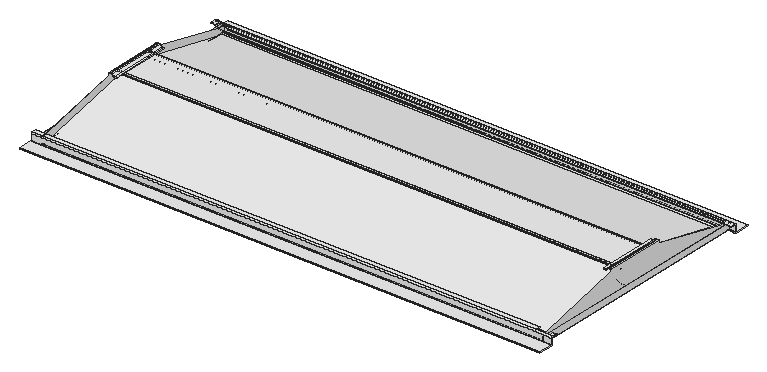
Revit family "LRK-TRH2X2_2X4", category Lighting Fixtures, host Ceiling, Revit 2019
Family settings
  Host = Ceiling
  Round Connector Dimension = Use Diameter
  Part Type = Normal
  OmniClass Number = 23.80.70.11.14.17
  OmniClass Title = Direct/Indirect
  Always vertical = Yes
  Cut with Voids When Loaded = No
  Light Source = Yes
  Shared = No
  Room Calculation Point = No
Parameters (values of type "LRK-TRH2X4-LED840K074LUNV")
  Width = 1' - 11 7/8"
  Wattage = 54 W
  built-in parameter 1150110 = 1 (stored number, unit not read)
  Voltage = 120 V
  URL = "https://www.viscor.com/en/products/lrk-trh"
  built-in parameter 1114217 = 0.9 (stored number, unit not read)
  Tilt Angle = 90.00°
  built-in parameter 1150109 = 1 (stored number, unit not read)
  built-in parameter 1150134 = 12
  built-in parameter 1150113 = 1 (stored number, unit not read)
  Photometric Web File = "LRK-TRH2X4-LED840K074LUNV.ies"
  Model = "LRK-TRH"  # constant formula
  Manufacturer = "VISIONEERING by VISCOR"  # constant formula
  Lumens = 7452 lm
  built-in parameter 1150115 = 1 (stored number, unit not read)
  built-in parameter 1150105 = 593.01 (stored number, unit not read)
  built-in parameter 1150137 = (empty or 0)
  built-in parameter 1150139 = (empty or 0)
  Lens Finish = Acrylic - Viscor - Frosted Round Linear Ribbed
  Lens Depth = 0' - 0 1/16"
  Length = 3' - 11 7/8"
  Lamp Wattage = 54 VA
  built-in parameter 1150112 = 1 (stored number, unit not read)
  built-in parameter 1150114 = 1 (stored number, unit not read)
  Lamp = "LED"  # constant formula
  built-in parameter 1150132 = (empty or 0)
  built-in parameter 1150102 = (empty or 0)
  built-in parameter 1150138 = (empty or 0)
  built-in parameter 1150107 = 4000 (stored number, unit not read)
  built-in parameter 1150106 = 5.9301 (stored number, unit not read)
  Housing Finish = Metal - Viscor - White
  Emit from Rectangle Width = Width  # 1' - 11 7/8"
  Emit from Rectangle Length = Length  # 3' - 11 7/8"
  Emit from Rectangle Height = Lens Depth  # 0' - 0 1/16"
  Emit Shape Visible in Rendering = no
  built-in parameter 1150104 = 12.821 (stored number, unit not read)
  Dimming Lamp Color Temperature Shift = <None>
  Description = "LED Recessed Troffer Retrofit Kit - Type H"  # constant formula
  Color Filter = 16777215
  built-in parameter 1114218 = 1 (stored number, unit not read)
  built-in parameter 1150133 = 10 (stored number, unit not read)
  Assembly Code = "D5020200"
  Apparent Load = Lamp Wattage  # 54 VA
Types (10): name | Wattage | Photometric Web File | Lumens | built-in parameter 1150105 | Length | Lamp Wattage | built-in parameter 1150106 | Emit from Rectangle Length | built-in parameter 1150104 | Apparent Load
  (no name) | 54 W | "LRK-TRH2X4-LED840K074LUNV.ies" | 7452 lm | 593.01 (stored number, unit not read) | 3' - 11 7/8" | 54 VA | 5.9301 (stored number, unit not read) | 3' - 11 7/8" | 12.821 (stored number, unit not read) | 54 VA
  LRK-TRH2X4-LED840K050LUNV | 34 W | "LRK-TRH2X4-LED840K050LUNV.ies" | 4692 lm | 373.38 (stored number, unit not read) | 3' - 11 7/8" | 34 VA | 3.7338 (stored number, unit not read) | 3' - 11 7/8" | 12.821 (stored number, unit not read) | 34 VA
  LRK-TRH2X2-LED840K040LUNV | 29 W | "LRK-TRH2X2-LED840K040LUNV.ies" | 3915 lm | 311.55 (stored number, unit not read) | 1' - 11 7/8" | 29 VA | 3.1155 (stored number, unit not read) | 1' - 11 7/8" | 12.542 (stored number, unit not read) | 29 VA
  LRK-TRH2X2-LED840K020LUNV | 14 W | "LRK-TRH2X2-LED840K020LUNV.ies" | 2086 lm | 166 (stored number, unit not read) | 1' - 11 7/8" | 14 VA | 1.66 (stored number, unit not read) | 1' - 11 7/8" | 13.843 (stored number, unit not read) | 14 VA
  LRK-TRH2X2-LED840K032LUNV | 23 W | "LRK-TRH2X2-LED840K032LUNV.ies" | 3151 lm | 250.75 (stored number, unit not read) | 1' - 11 7/8" | 23 VA | 2.5075 (stored number, unit not read) | 1' - 11 7/8" | 12.728 (stored number, unit not read) | 23 VA
  LRK-TRH2X2-LED840K048LUNV | 38 W | "LRK-TRH2X2-LED840K048LUNV.ies" | 5054 lm | 402.18 (stored number, unit not read) | 1' - 11 7/8" | 38 VA | 4.0218 (stored number, unit not read) | 1' - 11 7/8" | 12.356 (stored number, unit not read) | 38 VA
  LRK-TRH2X4-LED840K032LUNV | 23 W | "LRK-TRH2X4-LED840K032LUNV.ies" | 3174 lm | 252.58 (stored number, unit not read) | 3' - 11 7/8" | 23 VA | 2.5258 (stored number, unit not read) | 3' - 11 7/8" | 12.821 (stored number, unit not read) | 23 VA
  LRK-TRH2X4-LED840K040LUNV | 29 W | "LRK-TRH2X4-LED840K040LUNV.ies" | 4002 lm | 318.47 (stored number, unit not read) | 3' - 11 7/8" | 29 VA | 3.1847 (stored number, unit not read) | 3' - 11 7/8" | 12.821 (stored number, unit not read) | 29 VA
  LRK-TRH2X4-LED840K060LUNV | 46 W | "LRK-TRH2X4-LED840K060LUNV.ies" | 6118 lm | 486.85 (stored number, unit not read) | 3' - 11 7/8" | 46 VA | 4.8685 (stored number, unit not read) | 3' - 11 7/8" | 12.356 (stored number, unit not read) | 46 VA
  LRK-TRH2X4-LED840K074LUNV | 54 W | "LRK-TRH2X4-LED840K074LUNV.ies" | 7452 lm | 593.01 (stored number, unit not read) | 3' - 11 7/8" | 54 VA | 5.9301 (stored number, unit not read) | 3' - 11 7/8" | 12.821 (stored number, unit not read) | 54 VA
Reference planes (in)
  plane 1 "Light Source Axis (F/B)": y = 0
  plane 2 "Ceiling": z = 96
  plane 3 "Light Source Axis (L/R)": x = 0
  plane 4 "Light Source Elevation": z = 95.9375
  plane 5: y = 11.9375
  plane 6: y = -11.9375
  plane 7: x = -23.9375
  plane 8: x = 23.9375
  plane 9 "Lens Depth": z = 95.9375
  plane 10: x = -23.3515
  plane 11: x = 23.3515
  plane 12: x = -23.062
  plane 13: x = 23.062
  plane 14: y = 10.5
  plane 15: y = -10.5
Forms (in)
  Extrusion 1, solid, material "Metal - Viscor - White" <- "Housing Finish"
    sketch origin (0, 0, 0) x (0, 1, 0) y (0, 0, 1)
      loop
        line (1.54863, 97.90646) -> (10.187, 95.999) -> (10.438, 95.999)
        arc (10.438, 95.999) -> (10.48184, 96.01716) -> (10.5, 96.061) r 0.062
        line (10.5, 96.061) -> (10.5, 96.625)
        arc (10.5, 96.625) -> (10.48184, 96.66884) -> (10.438, 96.687) r 0.062
        line (10.438, 96.687) -> (10.25, 96.687) -> (10.25, 96.65575) -> (10.438, 96.65575)
        arc (10.438, 96.65575) -> (10.45974, 96.64674) -> (10.46875, 96.625) r 0.03075
        line (10.46875, 96.625) -> (10.46875, 96.061)
        arc (10.46875, 96.061) -> (10.45974, 96.03926) -> (10.438, 96.03025) r 0.03075
        line (10.438, 96.03025) -> (10.19041, 96.03025) -> (1.55537, 97.93697)
        arc (1.55537, 97.93697) -> (1.53213, 97.95968) -> (1.54223, 97.99056) r 0.03075
        line (1.54223, 97.99056) -> (1.62626, 98.06106) -> (1.8147, 98.21919)
        arc (1.8147, 98.21919) -> (1.83556, 98.29703) -> (1.76955, 98.34325) r 0.07025
        line (1.76955, 98.34325) -> (-1.76955, 98.34325)
        arc (-1.76955, 98.34325) -> (-1.83556, 98.29703) -> (-1.8147, 98.21919) r 0.07025
        line (-1.8147, 98.21919) -> (-1.62626, 98.06106) -> (-1.54223, 97.99056)
        arc (-1.54223, 97.99056) -> (-1.53213, 97.95968) -> (-1.55537, 97.93697) r 0.03075
        line (-1.55537, 97.93697) -> (-10.19041, 96.03025) -> (-10.438, 96.03025)
        arc (-10.438, 96.03025) -> (-10.45974, 96.03926) -> (-10.46875, 96.061) r 0.03075
        line (-10.46875, 96.061) -> (-10.46875, 96.625)
        arc (-10.46875, 96.625) -> (-10.45974, 96.64674) -> (-10.438, 96.65575) r 0.03075
        line (-10.438, 96.65575) -> (-10.25, 96.65575) -> (-10.25, 96.687) -> (-10.438, 96.687)
        arc (-10.438, 96.687) -> (-10.48184, 96.66884) -> (-10.5, 96.625) r 0.062
        line (-10.5, 96.625) -> (-10.5, 96.061)
        arc (-10.5, 96.061) -> (-10.48184, 96.01716) -> (-10.438, 95.999) r 0.062
        line (-10.438, 95.999) -> (-10.187, 95.999) -> (-1.54863, 97.90646)
        arc (-1.54863, 97.90646) -> (-1.50178, 97.95224) -> (-1.52215, 98.01449) r 0.062
        line (-1.52215, 98.01449) -> (-1.60617, 98.085) -> (-1.79462, 98.24312)
        arc (-1.79462, 98.24312) -> (-1.8062, 98.28634) -> (-1.76955, 98.312) r 0.039
        line (-1.76955, 98.312) -> (1.76955, 98.312)
        arc (1.76955, 98.312) -> (1.8062, 98.28634) -> (1.79462, 98.24312) r 0.039
        line (1.79462, 98.24312) -> (1.60617, 98.085) -> (1.52215, 98.01449)
        arc (1.52215, 98.01449) -> (1.50178, 97.95224) -> (1.54863, 97.90646) r 0.062
    from -23.062 to 23.062
  Extrusion 2, solid, material "Metal - Viscor - White" <- "Housing Finish"
    sketch origin (0, 0, 0) x (0, 1, 0) y (0, 0, 1)
      loop
        arc (10.5235, 96.687) -> (10.55108, 96.67558) -> (10.5625, 96.648) r 0.039
        line (10.5625, 96.648) -> (10.5625, 96.069)
        arc (10.5625, 96.069) -> (10.58271, 96.02021) -> (10.6315, 96) r 0.069
        line (10.6315, 96) -> (11.9375, 96) -> (11.9375, 96.03125) -> (10.6315, 96.03125)
        arc (10.6315, 96.03125) -> (10.60481, 96.04231) -> (10.59375, 96.069) r 0.03775
        line (10.59375, 96.069) -> (10.59375, 96.648)
        arc (10.59375, 96.648) -> (10.57317, 96.69767) -> (10.5235, 96.71825) r 0.07025
        line (10.5235, 96.71825) -> (10.0625, 96.71825) -> (10.0625, 96.687) -> (10.5235, 96.687)
    from -23.9375 to 23.9375
  Extrusion 3, solid, material "Metal - Viscor - White" <- "Housing Finish"
    sketch origin (0, 0, 0) x (0, -1, 0) y (0, 0, -1)
      loop
        line (10.5235, -96.687) -> (10.0625, -96.687) -> (10.0625, -96.71825) -> (10.5235, -96.71825)
        arc (10.5235, -96.71825) -> (10.57317, -96.69767) -> (10.59375, -96.648) r 0.07025
        line (10.59375, -96.648) -> (10.59375, -96.069)
        arc (10.59375, -96.069) -> (10.60481, -96.04231) -> (10.6315, -96.03125) r 0.03775
        line (10.6315, -96.03125) -> (11.9375, -96.03125) -> (11.9375, -96) -> (10.6315, -96)
        arc (10.6315, -96) -> (10.58271, -96.02021) -> (10.5625, -96.069) r 0.069
        line (10.5625, -96.069) -> (10.5625, -96.648)
        arc (10.5625, -96.648) -> (10.55108, -96.67558) -> (10.5235, -96.687) r 0.039
    from -23.9375 to 23.9375
  Extrusion 4, solid, material "Metal - Viscor - White" <- "Housing Finish"
    sketch origin (0, 0, 0) x (1, 0, 0) y (0, 0, 1)
      loop
        line (-23.374, 96.648) -> (-23.374, 96.085)
        arc (-23.374, 96.085) -> (-23.35584, 96.04116) -> (-23.312, 96.023) r 0.062
        line (-23.312, 96.023) -> (-23.124, 96.023)
        arc (-23.124, 96.023) -> (-23.08016, 96.04116) -> (-23.062, 96.085) r 0.062
        line (-23.062, 96.085) -> (-23.062, 98.484)
        arc (-23.062, 98.484) -> (-23.05058, 98.51158) -> (-23.023, 98.523) r 0.039
        line (-23.023, 98.523) -> (-22.82953, 98.523)
        arc (-22.82953, 98.523) -> (-22.81354, 98.51957) -> (-22.80036, 98.50988) r 0.039
        line (-22.80036, 98.50988) -> (-22.66458, 98.35685)
        arc (-22.66458, 98.35685) -> (-22.64362, 98.34145) -> (-22.6182, 98.336) r 0.062
        line (-22.6182, 98.336) -> (-22.39608, 98.336) -> (-22.39608, 98.36725) -> (-22.63203, 98.36725) -> (-22.77699, 98.53062)
        arc (-22.77699, 98.53062) -> (-22.80073, 98.54807) -> (-22.82953, 98.55425) r 0.07025
        line (-22.82953, 98.55425) -> (-23.023, 98.55425)
        arc (-23.023, 98.55425) -> (-23.07267, 98.53367) -> (-23.09325, 98.484) r 0.07025
        line (-23.09325, 98.484) -> (-23.09325, 96.085)
        arc (-23.09325, 96.085) -> (-23.10226, 96.06326) -> (-23.124, 96.05425) r 0.03075
        line (-23.124, 96.05425) -> (-23.312, 96.05425)
        arc (-23.312, 96.05425) -> (-23.33374, 96.06326) -> (-23.34275, 96.085) r 0.03075
        line (-23.34275, 96.085) -> (-23.34275, 96.648) -> (-23.374, 96.648)
    from -10.5 to 10.5
  Extrusion 5, void
    sketch origin (-23.062, 0, 98.484) x (0, 0, 1) y (0, 1, 0)
      loop
        line (-0.189, 2.75) -> (0.07025, 2.75) -> (0.07025, 10.5) -> (-1.836, 10.5) -> (-1.836, 9.97261) -> (-0.189, 2.75)
    from -0.66592 to 0.42776
  Extrusion 6, void
    sketch origin (-23.062, 0, 98.484) x (0, 0, 1) y (0, 1, 0)
      loop
        line (-0.189, -2.75) -> (-1.836, -9.97261) -> (-1.836, -10.5) -> (0.07025, -10.5) -> (0.07025, -2.75) -> (-0.189, -2.75)
    from -0.66592 to 0.42776
  Extrusion 7, solid, material "Metal - Viscor - White" <- "Housing Finish"
    sketch origin (0, 0, 0) x (-1, 0, 0) y (0, 0, -1)
      loop
        line (-23.374, -96.648) -> (-23.34275, -96.648) -> (-23.34275, -96.085)
        arc (-23.34275, -96.085) -> (-23.33374, -96.06326) -> (-23.312, -96.05425) r 0.03075
        line (-23.312, -96.05425) -> (-23.124, -96.05425)
        arc (-23.124, -96.05425) -> (-23.10226, -96.06326) -> (-23.09325, -96.085) r 0.03075
        line (-23.09325, -96.085) -> (-23.09325, -98.484)
        arc (-23.09325, -98.484) -> (-23.07267, -98.53367) -> (-23.023, -98.55425) r 0.07025
        line (-23.023, -98.55425) -> (-22.82953, -98.55425)
        arc (-22.82953, -98.55425) -> (-22.80073, -98.54807) -> (-22.77699, -98.53062) r 0.07025
        line (-22.77699, -98.53062) -> (-22.63203, -98.36725) -> (-22.39608, -98.36725) -> (-22.39608, -98.336) -> (-22.6182, -98.336)
        arc (-22.6182, -98.336) -> (-22.64362, -98.34145) -> (-22.66458, -98.35685) r 0.062
        line (-22.66458, -98.35685) -> (-22.80036, -98.50988)
        arc (-22.80036, -98.50988) -> (-22.81354, -98.51957) -> (-22.82953, -98.523) r 0.039
        line (-22.82953, -98.523) -> (-23.023, -98.523)
        arc (-23.023, -98.523) -> (-23.05058, -98.51158) -> (-23.062, -98.484) r 0.039
        line (-23.062, -98.484) -> (-23.062, -96.085)
        arc (-23.062, -96.085) -> (-23.08016, -96.04116) -> (-23.124, -96.023) r 0.062
        line (-23.124, -96.023) -> (-23.312, -96.023)
        arc (-23.312, -96.023) -> (-23.35584, -96.04116) -> (-23.374, -96.085) r 0.062
        line (-23.374, -96.085) -> (-23.374, -96.648)
    from -10.5 to 10.5
  Extrusion 8, void
    sketch origin (23.062, 0, 98.484) x (0, 0, 1) y (0, -1, 0)
      loop
        line (-0.189, 2.75) -> (0.07025, 2.75) -> (0.07025, 10.5) -> (-1.836, 10.5) -> (-1.836, 9.97261) -> (-0.189, 2.75)
    from -0.66592 to 0.57466
  Extrusion 9, void
    sketch origin (23.062, 0, 98.484) x (0, 0, 1) y (0, -1, 0)
      loop
        line (-0.189, -2.75) -> (-1.836, -9.97261) -> (-1.836, -10.5) -> (0.07025, -10.5) -> (0.07025, -2.75) -> (-0.189, -2.75)
    from -0.66592 to 0.57466
  Extrusion 10, solid, material "Acrylic - Viscor - Frosted Round Linear Ribbed" <- "Lens Finish"
    sketch origin (0, 0, 0) x (0, 1, 0) y (0, 0, 1)
      loop
        arc (1.74413, 98.11758) -> (1.76336, 98.12963) -> (1.75896, 98.15188) r 0.02
        arc (1.75896, 98.15188) -> (1.73517, 98.16783) -> (1.70726, 98.17425) r 0.079
        line (1.70726, 98.17425) -> (1.59836, 98.179)
        arc (1.59836, 98.179) -> (1.50702, 98.15404) -> (1.44725, 98.0806) r 0.155
        line (1.44725, 98.0806) -> (1.41551, 97.99945)
        arc (1.41551, 97.99945) -> (1.42752, 97.86383) -> (1.54286, 97.79148) r 0.153
        line (1.54286, 97.79148) -> (1.97373, 97.74862)
        arc (1.97373, 97.74862) -> (2.00709, 97.73719) -> (2.03186, 97.7121) r 0.07705
        line (2.03186, 97.7121) -> (2.16058, 97.50129)
        arc (2.16058, 97.50129) -> (2.165, 97.48506) -> (2.16004, 97.46898) r 0.03019
        arc (2.16004, 97.46898) -> (0, 96.304) -> (-2.16004, 97.46898) r 2.585
        arc (-2.16004, 97.46898) -> (-2.165, 97.48506) -> (-2.16058, 97.50129) r 0.03019
        line (-2.16058, 97.50129) -> (-2.03186, 97.7121)
        arc (-2.03186, 97.7121) -> (-2.00709, 97.73719) -> (-1.97373, 97.74862) r 0.07705
        line (-1.97373, 97.74862) -> (-1.54286, 97.79148)
        arc (-1.54286, 97.79148) -> (-1.42752, 97.86383) -> (-1.41551, 97.99945) r 0.153
        line (-1.41551, 97.99945) -> (-1.44725, 98.0806)
        arc (-1.44725, 98.0806) -> (-1.50702, 98.15404) -> (-1.59836, 98.179) r 0.155
        line (-1.59836, 98.179) -> (-1.70726, 98.17425)
        arc (-1.70726, 98.17425) -> (-1.73517, 98.16783) -> (-1.75896, 98.15188) r 0.079
        arc (-1.75896, 98.15188) -> (-1.76336, 98.12963) -> (-1.74413, 98.11758) r 0.02
        line (-1.74413, 98.11758) -> (-1.59596, 98.12405)
        arc (-1.59596, 98.12405) -> (-1.53703, 98.10795) -> (-1.49847, 98.06057) r 0.1
        line (-1.49847, 98.06057) -> (-1.46673, 97.97942)
        arc (-1.46673, 97.97942) -> (-1.47442, 97.89255) -> (-1.5483, 97.84621) r 0.098
        line (-1.5483, 97.84621) -> (-1.97917, 97.80335)
        arc (-1.97917, 97.80335) -> (-2.03635, 97.78377) -> (-2.07881, 97.74076) r 0.13205
        line (-2.07881, 97.74076) -> (-2.20752, 97.52995)
        arc (-2.20752, 97.52995) -> (-2.21999, 97.48414) -> (-2.206, 97.43876) r 0.08519
        arc (-2.206, 97.43876) -> (0, 96.249) -> (2.206, 97.43876) r 2.64
        arc (2.206, 97.43876) -> (2.21999, 97.48414) -> (2.20752, 97.52995) r 0.08519
        line (2.20752, 97.52995) -> (2.07881, 97.74076)
        arc (2.07881, 97.74076) -> (2.03635, 97.78377) -> (1.97917, 97.80335) r 0.13205
        line (1.97917, 97.80335) -> (1.5483, 97.84621)
        arc (1.5483, 97.84621) -> (1.47442, 97.89255) -> (1.46673, 97.97942) r 0.098
        line (1.46673, 97.97942) -> (1.49847, 98.06057)
        arc (1.49847, 98.06057) -> (1.53703, 98.10795) -> (1.59596, 98.12405) r 0.1
        line (1.59596, 98.12405) -> (1.74413, 98.11758)
    from -23.062 to 23.062
Cuts and joins
  Extrusion 5, Extrusion 6 cuts Extrusion 2
  Extrusion 5, Extrusion 6 cuts Extrusion 4
  Extrusion 8, Extrusion 9 cuts Extrusion 3
  Extrusion 8, Extrusion 9 cuts Extrusion 7
Dimensions and locks (in)
  equal spacing: host sketch curve, plane 3 "Light Source Axis (L/R)", host sketch curve
  equal spacing: host sketch curve, plane 1 "Light Source Axis (F/B)", host sketch curve
  host sketch curve to host sketch curve = 10' - 0"  (x2)
  equal spacing: plane 7, plane 3 "Light Source Axis (L/R)", plane 8
  "Length": plane 7 to plane 8
  equal spacing: plane 5, plane 1 "Light Source Axis (F/B)", plane 6
  "Width": plane 5 to plane 6
  "Emit from Rectangle Height": plane 4 "Light Source Elevation" to plane 2 "Ceiling"
  "Lens Depth": plane 2 "Ceiling" to plane 9 "Lens Depth"
  locked: plane 7 to plane 10 at 0.586
  locked: plane 11 to plane 8 at 0.586
  locked: plane 12 to plane 10 at 0.2895
  locked: plane 11 to plane 13 at 0.2895
  locked: plane 5 to plane 14 at 1.4375
  locked: plane 15 to plane 6 at 1.4375
  aligned and locked: plane 3 "Light Source Axis (L/R)" to imposter light
  aligned and locked: plane 1 "Light Source Axis (F/B)" to imposter light
  aligned and locked: plane 4 "Light Source Elevation" to imposter light
  aligned and locked: plane 8 to Extrusion 2
  aligned and locked: Extrusion 2 to plane 7
  aligned and locked: Extrusion 3 to plane 7
  aligned and locked: plane 8 to Extrusion 3
  aligned and locked: plane 14 to Extrusion 4
  aligned and locked: Extrusion 4 to plane 15
  aligned and locked: plane 14 to Extrusion 7
  aligned and locked: Extrusion 7 to plane 15
  aligned and locked: plane 12 to Extrusion 10
  aligned and locked: Extrusion 10 to plane 13
  aligned and locked: plane 12 to Extrusion 1
  aligned and locked: Extrusion 1 to plane 13
Automatic sketch dimensions
  Extrusion 1 sketch curve to Extrusion 1 sketch curve = 0' - 0"  (x16)
  Extrusion 1 sketch curve to plane 15 = 0' - 0"
  Extrusion 1 sketch curve to plane 14 = 0' - 0"
  plane 15 to Extrusion 1 sketch curve = 0' - 0 1/32"
  Extrusion 1 sketch curve to Extrusion 1 sketch curve = 0' - 0.03075"  (x4)
  Extrusion 1 sketch curve to Extrusion 1 sketch curve = 0' - 0.188"
  plane 2 "Ceiling" to Extrusion 1 sketch curve = 0' - 0.03025"  (x2)
  Extrusion 1 sketch curve to Extrusion 1 sketch curve = 0' - 0.24759"
  Extrusion 1 sketch curve to Extrusion 1 sketch curve = 0' - 0.00341"  (x2)
  plane 1 "Light Source Axis (F/B)" to Extrusion 1 sketch curve = 0' - 1.8147"
  Extrusion 1 sketch curve to Extrusion 1 sketch curve = 0' - 0.02009"  (x6)
  Extrusion 1 sketch curve to Extrusion 1 sketch curve = 0' - 0.02507"  (x2)
  Extrusion 1 sketch curve to Extrusion 1 sketch curve = 0' - 0.18845"
  Extrusion 1 sketch curve to Extrusion 1 sketch curve = 0' - 0.06426"
  Extrusion 1 sketch curve to Extrusion 1 sketch curve = 0' - 0.00663"  (x2)
  Extrusion 1 sketch curve to Extrusion 1 sketch curve = 0' - 0.00674"  (x2)
  Extrusion 1 sketch curve to Extrusion 1 sketch curve = 0' - 0.01977"
  Extrusion 1 sketch curve to plane 1 "Light Source Axis (F/B)" = 0' - 1.52215"
  Extrusion 1 sketch curve to Extrusion 1 sketch curve = 0' - 0.0064"
  Extrusion 1 sketch curve to Extrusion 1 sketch curve = 0' - 0.08402"
  Extrusion 1 sketch curve to Extrusion 1 sketch curve = 0' - 0.16338"
  Extrusion 1 sketch curve to plane 2 "Ceiling" = 0' - 0.001"
  Extrusion 1 sketch curve to plane 14 = 0' - 0.313"
  Extrusion 1 sketch curve to Extrusion 1 sketch curve = 0' - 0 7/32"
  Extrusion 1 sketch curve to Extrusion 1 sketch curve = 0' - 0.564"  (x2)
  plane 2 "Ceiling" to Extrusion 1 sketch curve = 0' - 1.90646"  (x2)
  Extrusion 1 sketch curve to Extrusion 1 sketch curve = 0' - 0.03051"  (x2)
  Extrusion 1 sketch curve to Extrusion 1 sketch curve = 0' - 0.03003"  (x2)
  Extrusion 1 sketch curve to Extrusion 1 sketch curve = 0' - 0.07051"  (x2)
  Extrusion 1 sketch curve to Extrusion 1 sketch curve = 0' - 0.02394"  (x3)
  Extrusion 1 sketch curve to Extrusion 1 sketch curve = 0' - 0.15812"  (x2)
  Extrusion 1 sketch curve to Extrusion 1 sketch curve = 0' - 0.02988"
  Extrusion 2 sketch curve to Extrusion 2 sketch curve = 0' - 0"  (x4)
  Extrusion 2 sketch curve to plane 2 "Ceiling" = 0' - 0"
  Extrusion 2 sketch curve to plane 5 = 0' - 0"
  plane 14 to Extrusion 2 sketch curve = 0' - 0.1315"
  Extrusion 2 sketch curve to Extrusion 2 sketch curve = 0' - 0.03775"
  Extrusion 2 sketch curve to Extrusion 2 sketch curve = 0' - 0 1/32"
  plane 14 to Extrusion 2 sketch curve = 0' - 0.0235"
  Extrusion 2 sketch curve to plane 14 = 0' - 0 7/16"
  Extrusion 2 sketch curve to Extrusion 2 sketch curve = 0' - 0.579"
  Extrusion 3 sketch curve to Extrusion 3 sketch curve = 0' - 0"  (x4)
  Extrusion 3 sketch curve to plane 2 "Ceiling" = 0' - 0"
  Extrusion 3 sketch curve to plane 6 = 0' - 0"
  plane 15 to Extrusion 3 sketch curve = 0' - 0.1315"
  Extrusion 3 sketch curve to Extrusion 3 sketch curve = 0' - 0.03775"
  Extrusion 3 sketch curve to Extrusion 3 sketch curve = 0' - 0 1/32"
  plane 15 to Extrusion 3 sketch curve = 0' - 0.0235"
  Extrusion 3 sketch curve to plane 15 = 0' - 0 7/16"
  Extrusion 3 sketch curve to Extrusion 3 sketch curve = 0' - 0.579"
  Extrusion 4 sketch curve to Extrusion 4 sketch curve = 0' - 0"  (x8)
  plane 12 to Extrusion 4 sketch curve = 0' - 0"
  Extrusion 4 sketch curve to Extrusion 4 sketch curve = 0' - 0 1/32"  (x2)
  plane 2 "Ceiling" to Extrusion 4 sketch curve = 0' - 0.023"
  plane 12 to Extrusion 4 sketch curve = 0' - 0.062"
  plane 10 to Extrusion 4 sketch curve = 0' - 0.0395"
  plane 10 to Extrusion 4 sketch curve = 0' - 0.00875"
  Extrusion 4 sketch curve to plane 12 = 0' - 0.039"
  Extrusion 4 sketch curve to Extrusion 4 sketch curve = 0' - 0.19347"
  Extrusion 4 sketch curve to Extrusion 4 sketch curve = 0' - 0.02917"
  Extrusion 4 sketch curve to Extrusion 4 sketch curve = 0' - 0.02338"
  Extrusion 4 sketch curve to Extrusion 4 sketch curve = 0' - 0.13579"
  Extrusion 4 sketch curve to Extrusion 4 sketch curve = 0' - 0.03255"
  Extrusion 4 sketch curve to Extrusion 4 sketch curve = 0' - 0.01383"
  Extrusion 4 sketch curve to Extrusion 4 sketch curve = 0' - 0.22212"
  Extrusion 4 sketch curve to Extrusion 4 sketch curve = 0' - 0.563"
  Extrusion 4 sketch curve to Extrusion 4 sketch curve = 0' - 1.688"
  Extrusion 4 sketch curve to Extrusion 4 sketch curve = 0' - 0.02085"
  Extrusion 4 sketch curve to Extrusion 4 sketch curve = 0' - 0.12715"
  Extrusion 4 sketch curve to Extrusion 4 sketch curve = 0' - 0.039"
  Extrusion 5 sketch curve to Extrusion 4 = 0' - 0"
  Extrusion 5 sketch curve to Extrusion 4 = 0' - 0.563"
  Extrusion 4 to Extrusion 5 sketch curve = 0' - 0.189"
  Extrusion 5 sketch curve to Extrusion 4 = 0' - 0.07025"
  Extrusion 5 sketch curve to Extrusion 4 = 0' - 0.52739"
  Extrusion 5 sketch curve to Extrusion 5 sketch curve = 0' - 7.22261"
  Extrusion 6 sketch curve to Extrusion 4 = 0' - 0"
  Extrusion 6 sketch curve to Extrusion 4 = 0' - 0.563"
  Extrusion 4 to Extrusion 6 sketch curve = 0' - 0.189"
  Extrusion 6 sketch curve to Extrusion 4 = 0' - 0.07025"
  Extrusion 6 sketch curve to Extrusion 4 = 0' - 0.52739"
  Extrusion 6 sketch curve to Extrusion 6 sketch curve = 0' - 7.22261"
  Extrusion 7 sketch curve to Extrusion 7 sketch curve = 0' - 0"  (x8)
  plane 13 to Extrusion 7 sketch curve = 0' - 0"
  plane 13 to Extrusion 7 sketch curve = 0' - 0 1/32"
  Extrusion 7 sketch curve to plane 2 "Ceiling" = 0' - 0.023"
  plane 13 to Extrusion 7 sketch curve = 0' - 0.062"
  plane 11 to Extrusion 7 sketch curve = 0' - 0.0395"
  plane 11 to Extrusion 7 sketch curve = 0' - 0.00875"
  Extrusion 7 sketch curve to Extrusion 7 sketch curve = 0' - 0.039"  (x2)
  Extrusion 7 sketch curve to Extrusion 7 sketch curve = 0' - 0.19347"
  Extrusion 7 sketch curve to Extrusion 7 sketch curve = 0' - 0.02917"
  Extrusion 7 sketch curve to Extrusion 7 sketch curve = 0' - 0.02338"
  Extrusion 7 sketch curve to Extrusion 7 sketch curve = 0' - 0.13579"
  Extrusion 7 sketch curve to Extrusion 7 sketch curve = 0' - 0.03255"
  Extrusion 7 sketch curve to Extrusion 7 sketch curve = 0' - 0.01383"
  Extrusion 7 sketch curve to Extrusion 7 sketch curve = 0' - 0.22212"
  Extrusion 7 sketch curve to Extrusion 7 sketch curve = 0' - 0.563"
  Extrusion 7 sketch curve to Extrusion 7 sketch curve = 0' - 1.688"
  Extrusion 7 sketch curve to Extrusion 7 sketch curve = 0' - 0.02085"
  Extrusion 7 sketch curve to Extrusion 7 sketch curve = 0' - 0 1/32"
  Extrusion 7 sketch curve to Extrusion 7 sketch curve = 0' - 0.12715"
  Extrusion 8 sketch curve to Extrusion 7 = 0' - 0"
  Extrusion 8 sketch curve to Extrusion 7 = 0' - 0.563"
  Extrusion 7 to Extrusion 8 sketch curve = 0' - 0.189"
  Extrusion 8 sketch curve to Extrusion 7 = 0' - 0.07025"
  Extrusion 8 sketch curve to Extrusion 7 = 0' - 0.52739"
  Extrusion 8 sketch curve to Extrusion 8 sketch curve = 0' - 7.22261"
  Extrusion 9 sketch curve to Extrusion 7 = 0' - 0"
  Extrusion 9 sketch curve to Extrusion 7 = 0' - 0.563"
  Extrusion 7 to Extrusion 9 sketch curve = 0' - 0.189"
  Extrusion 9 sketch curve to Extrusion 7 = 0' - 0.07025"
  Extrusion 9 sketch curve to Extrusion 7 = 0' - 0.52739"
  Extrusion 9 sketch curve to Extrusion 9 sketch curve = 0' - 7.22261"
  Extrusion 10 sketch curve to plane 1 "Light Source Axis (F/B)" = 0' - 1.5916"
  Extrusion 10 sketch curve to Extrusion 10 sketch curve = 0' - 0.00436"  (x2)
  plane 2 "Ceiling" to Extrusion 10 sketch curve = 0' - 2.02415"
  Extrusion 10 sketch curve to Extrusion 10 sketch curve = 0' - 0.0999"
  Extrusion 10 sketch curve to Extrusion 10 sketch curve = 0' - 0.09313"
  Extrusion 10 sketch curve to Extrusion 10 sketch curve = 0' - 0.14817"  (x2)
  Extrusion 10 sketch curve to Extrusion 10 sketch curve = 0' - 0.00647"  (x2)
  Extrusion 10 sketch curve to Extrusion 10 sketch curve = 0' - 0.03174"  (x2)
  Extrusion 10 sketch curve to Extrusion 10 sketch curve = 0' - 0.08115"  (x2)
  Extrusion 10 sketch curve to Extrusion 10 sketch curve = 0' - 0.0336"  (x2)
  Extrusion 10 sketch curve to Extrusion 10 sketch curve = 0' - 0.08042"  (x2)
  Extrusion 10 sketch curve to Extrusion 10 sketch curve = 0' - 0.0097"  (x2)
  Extrusion 10 sketch curve to Extrusion 10 sketch curve = 0' - 0.23505"
  Extrusion 10 sketch curve to Extrusion 10 sketch curve = 0' - 0.31423"
  Extrusion 10 sketch curve to Extrusion 10 sketch curve = 0' - 0.01307"
  Extrusion 10 sketch curve to Extrusion 10 sketch curve = 0' - 0.1314"
  Extrusion 10 sketch curve to Extrusion 10 sketch curve = 0' - 0.09963"  (x2)
  Extrusion 10 sketch curve to Extrusion 10 sketch curve = 0' - 0.12871"  (x2)
  Extrusion 10 sketch curve to Extrusion 10 sketch curve = 0' - 0.21081"  (x2)
  Extrusion 10 sketch curve to Extrusion 10 sketch curve = 0' - 0.07271"  (x2)
  Extrusion 10 sketch curve to Extrusion 10 sketch curve = 0' - 0.04439"
  Extrusion 10 sketch curve to Extrusion 10 sketch curve = 0' - 0.07118"  (x2)
  Extrusion 10 sketch curve to plane 1 "Light Source Axis (F/B)" = 0' - 0"
  plane 1 "Light Source Axis (F/B)" to Extrusion 10 sketch curve = 0' - 2.206"
  Extrusion 10 sketch curve to Extrusion 10 sketch curve = 0' - 0"  (x21)
  Extrusion 10 sketch curve to Extrusion 10 sketch curve = 0' - 0.1127"
  Extrusion 10 sketch curve to Extrusion 10 sketch curve = 0' - 0.06881"
  Extrusion 10 sketch curve to Extrusion 10 sketch curve = 0' - 0.43087"
  Extrusion 10 sketch curve to Extrusion 10 sketch curve = 0' - 0.04286"
  Extrusion 10 sketch curve to Extrusion 10 sketch curve = 0' - 0.09752"
  Extrusion 10 sketch curve to Extrusion 10 sketch curve = 0' - 0.09127"
  Extrusion 10 sketch curve to Extrusion 10 sketch curve = 0' - 0.00087"
  Extrusion 10 sketch curve to Extrusion 10 sketch curve = 0' - 0.01998"
  Extrusion 10 sketch curve to Extrusion 10 sketch curve = 0' - 0.01396"  (x2)
  Extrusion 10 sketch curve to Extrusion 10 sketch curve = 0' - 0.04032"  (x2)
  Extrusion 10 sketch curve to Extrusion 10 sketch curve = 0' - 0.03774"
  Extrusion 10 sketch curve to Extrusion 10 sketch curve = 0' - 0.0024"  (x2)
  Extrusion 10 sketch curve to Extrusion 10 sketch curve = 0' - 0.05495"
  Extrusion 10 sketch curve to Extrusion 10 sketch curve = 0' - 0.05122"  (x4)
  Extrusion 10 sketch curve to Extrusion 10 sketch curve = 0' - 0.02003"  (x2)
  Extrusion 10 sketch curve to Extrusion 10 sketch curve = 0' - 0.00544"  (x4)
  Extrusion 10 sketch curve to Extrusion 10 sketch curve = 0' - 0.05473"  (x2)
  Extrusion 10 sketch curve to Extrusion 10 sketch curve = 0' - 0.04694"  (x2)
  Extrusion 10 sketch curve to Extrusion 10 sketch curve = 0' - 0.02576"  (x2)
  Extrusion 10 sketch curve to Extrusion 10 sketch curve = 0' - 0.01573"
  Extrusion 10 sketch curve to Extrusion 10 sketch curve = 0' - 0.02522"  (x2)
  Extrusion 10 sketch curve to Extrusion 10 sketch curve = 0' - 0.02866"
  Extrusion 10 sketch curve to Extrusion 10 sketch curve = 0' - 0.03687"
  Extrusion 10 sketch curve to Extrusion 10 sketch curve = 0' - 0.05666"
  Extrusion 10 sketch curve to Extrusion 10 sketch curve = 0' - 0.02226"
  Extrusion 10 sketch curve to Extrusion 10 sketch curve = 0' - 0.01483"
Connectors (in)
  electrical at (0, 0, 96), driven by "Voltage", driven by "Apparent Load"
    settings: index 1, voltage 120 V, apparent load 0 VA, apparent load phase1 54 VA, apparent load phase2 0 VA, apparent load phase3 0 VA, power factor 1, load classification "Other", number of poles 1, system type 31, power factor state 1, is connector primary yes, connector utility no, sub classification motor no, connector description ""
